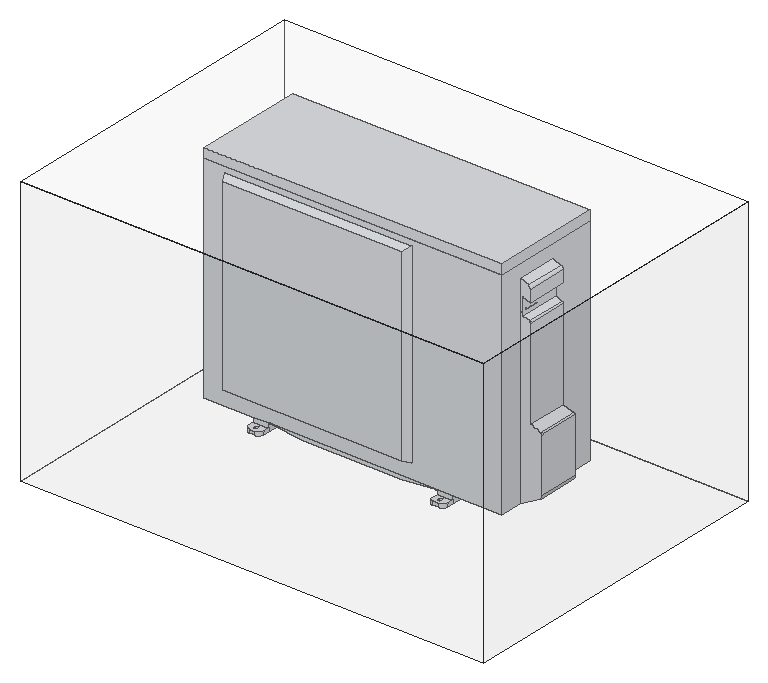
Revit family "puz-zrmp28_63ska15_60hz", category 機械設備, Revit 2019 (continued)
Definition of nested family "PUZ-EZRMP-1"
  Lines and regions (mm)
    model lines, visible <- "タイプ1", detail levels fine
      curve 339: arc (-404.5, -15, 59) -> (-404.5, -11.464, 60.464) -> (-404.5, -10, 64) r 5
      curve 340: arc (-404.5, -95, 79) -> (-404.5, -98.536, 77.536) -> (-404.5, -100, 74) r 5
      curve 341: arc (-404.5, -100, 64) -> (-404.5, -98.536, 60.464) -> (-404.5, -95, 59) r 5
    model lines, visible <- "タイプ3", not visible
      curve 342: line (-404.5, -100, 907) -> (-404.5, -60, 907)
      curve 343: line (-404.5, -100, 1097) -> (-404.5, -100, 907)
      curve 344: line (-404.5, -60, 1097) -> (-404.5, -100, 1097)
      curve 345: line (-404.5, -60, 907) -> (-404.5, -60, 1097)
      curve 346: line (-404.5, 60, 907) -> (-404.5, 100, 907)
      curve 347: line (-404.5, 60, 1097) -> (-404.5, 60, 907)
      curve 348: line (-404.5, 100, 1097) -> (-404.5, 60, 1097)
      curve 349: line (-404.5, 100, 907) -> (-404.5, 100, 1097)
      curve 350: line (-404.5, -46.667, 907) -> (-404.5, -6.667, 907)
      curve 351: line (-404.5, -46.667, 1097) -> (-404.5, -46.667, 907)
      curve 352: line (-404.5, -6.667, 1097) -> (-404.5, -46.667, 1097)
      curve 353: line (-404.5, -6.667, 907) -> (-404.5, -6.667, 1097)
      curve 354: line (-404.5, 6.667, 907) -> (-404.5, 46.667, 907)
      curve 355: line (-404.5, 6.667, 1097) -> (-404.5, 6.667, 907)
      curve 356: line (-404.5, 46.667, 1097) -> (-404.5, 6.667, 1097)
      curve 357: line (-404.5, 46.667, 907) -> (-404.5, 46.667, 1097)
      curve 358: line (-404.5, -100, 1112) -> (-404.5, -60, 1112)
      curve 359: line (-404.5, -100, 1302) -> (-404.5, -100, 1112)
      curve 360: line (-404.5, -60, 1302) -> (-404.5, -100, 1302)
      curve 361: line (-404.5, -60, 1112) -> (-404.5, -60, 1302)
      curve 362: line (-404.5, 60, 1112) -> (-404.5, 100, 1112)
      curve 363: line (-404.5, 60, 1302) -> (-404.5, 60, 1112)
      curve 364: line (-404.5, 100, 1302) -> (-404.5, 60, 1302)
      curve 365: line (-404.5, 100, 1112) -> (-404.5, 100, 1302)
      curve 366: line (-404.5, -46.667, 1112) -> (-404.5, -6.667, 1112)
      curve 367: line (-404.5, -46.667, 1302) -> (-404.5, -46.667, 1112)
      curve 368: line (-404.5, -6.667, 1302) -> (-404.5, -46.667, 1302)
      curve 369: line (-404.5, -6.667, 1112) -> (-404.5, -6.667, 1302)
      curve 370: line (-404.5, 6.667, 1112) -> (-404.5, 46.667, 1112)
      curve 371: line (-404.5, 6.667, 1302) -> (-404.5, 6.667, 1112)
      curve 372: line (-404.5, 46.667, 1302) -> (-404.5, 6.667, 1302)
      curve 373: line (-404.5, 46.667, 1112) -> (-404.5, 46.667, 1302)
    model lines, visible <- "タイプ2", not visible
      curve 374: line (-600, -100, 33.5) -> (-600, -60, 33.5)
      curve 375: line (-600, -100, 73.5) -> (-600, -100, 33.5)
      curve 376: line (-600, -60, 73.5) -> (-600, -100, 73.5)
      curve 377: line (-600, -60, 33.5) -> (-600, -60, 73.5)
      curve 378: line (-600, 60, 33.5) -> (-600, 100, 33.5)
      curve 379: line (-600, 60, 73.5) -> (-600, 60, 33.5)
      curve 380: line (-600, 100, 73.5) -> (-600, 60, 73.5)
      curve 381: line (-600, 100, 33.5) -> (-600, 100, 73.5)
      curve 382: line (-509, -46.667, 33.5) -> (-509, -6.667, 33.5)
      curve 383: line (-509, -46.667, 73.5) -> (-509, -46.667, 33.5)
      curve 384: line (-509, -6.667, 73.5) -> (-509, -46.667, 73.5)
      curve 385: line (-509, -6.667, 33.5) -> (-509, -6.667, 73.5)
      curve 386: line (-509, 6.667, 33.5) -> (-509, 46.667, 33.5)
      curve 387: line (-509, 6.667, 73.5) -> (-509, 6.667, 33.5)
      curve 388: line (-509, 46.667, 73.5) -> (-509, 6.667, 73.5)
      curve 389: line (-509, 46.667, 33.5) -> (-509, 46.667, 73.5)
      curve 483: line (-404.5, -100, 33.5) -> (-404.5, -60, 33.5)
      curve 484: line (-404.5, -100, 73.5) -> (-404.5, -100, 33.5)
      curve 485: line (-404.5, -60, 73.5) -> (-404.5, -100, 73.5)
      curve 486: line (-404.5, -60, 33.5) -> (-404.5, -60, 73.5)
      curve 487: line (-404.5, 60, 33.5) -> (-404.5, 100, 33.5)
      curve 488: line (-404.5, 60, 73.5) -> (-404.5, 60, 33.5)
      curve 489: line (-404.5, 100, 73.5) -> (-404.5, 60, 73.5)
      curve 490: line (-404.5, 100, 33.5) -> (-404.5, 100, 73.5)
      curve 491: line (-404.5, -46.667, 33.5) -> (-404.5, -6.667, 33.5)
      curve 492: line (-404.5, -46.667, 73.5) -> (-404.5, -46.667, 33.5)
      curve 493: line (-404.5, -6.667, 73.5) -> (-404.5, -46.667, 73.5)
      curve 494: line (-404.5, -6.667, 33.5) -> (-404.5, -6.667, 73.5)
      curve 495: line (-404.5, 6.667, 33.5) -> (-404.5, 46.667, 33.5)
      curve 496: line (-404.5, 6.667, 73.5) -> (-404.5, 6.667, 33.5)
      curve 497: line (-404.5, 46.667, 73.5) -> (-404.5, 6.667, 73.5)
      curve 498: line (-404.5, 46.667, 33.5) -> (-404.5, 46.667, 73.5)
    model lines, not visible
      curve 390: line (-404.5, -100, 87) -> (-404.5, -60, 87)
      curve 391: line (-404.5, -100, 277) -> (-404.5, -100, 87)
      curve 392: line (-404.5, -60, 277) -> (-404.5, -100, 277)
      curve 393: line (-404.5, -60, 87) -> (-404.5, -60, 277)
      curve 394: line (-404.5, -100, 292) -> (-404.5, -60, 292)
      curve 395: line (-404.5, -100, 482) -> (-404.5, -100, 292)
      curve 396: line (-404.5, -60, 482) -> (-404.5, -100, 482)
      curve 397: line (-404.5, -60, 292) -> (-404.5, -60, 482)
      curve 398: line (-404.5, -100, 497) -> (-404.5, -60, 497)
      curve 399: line (-404.5, -100, 687) -> (-404.5, -100, 497)
      curve 400: line (-404.5, -60, 687) -> (-404.5, -100, 687)
      curve 401: line (-404.5, -60, 497) -> (-404.5, -60, 687)
      curve 402: line (-404.5, -100, 702) -> (-404.5, -60, 702)
      curve 403: line (-404.5, -100, 892) -> (-404.5, -100, 702)
      curve 404: line (-404.5, -60, 892) -> (-404.5, -100, 892)
      curve 405: line (-404.5, -60, 702) -> (-404.5, -60, 892)
      curve 406: line (-404.5, 60, 87) -> (-404.5, 100, 87)
      curve 407: line (-404.5, 60, 277) -> (-404.5, 60, 87)
      curve 408: line (-404.5, 100, 277) -> (-404.5, 60, 277)
      curve 409: line (-404.5, 100, 87) -> (-404.5, 100, 277)
      curve 410: line (-404.5, -46.667, 87) -> (-404.5, -6.667, 87)
      curve 411: line (-404.5, -46.667, 277) -> (-404.5, -46.667, 87)
      curve 412: line (-404.5, -6.667, 277) -> (-404.5, -46.667, 277)
      curve 413: line (-404.5, -6.667, 87) -> (-404.5, -6.667, 277)
      curve 414: line (-404.5, 6.667, 87) -> (-404.5, 46.667, 87)
      curve 415: line (-404.5, 6.667, 277) -> (-404.5, 6.667, 87)
      curve 416: line (-404.5, 46.667, 277) -> (-404.5, 6.667, 277)
      curve 417: line (-404.5, 46.667, 87) -> (-404.5, 46.667, 277)
      curve 418: line (-404.5, 60, 292) -> (-404.5, 100, 292)
      curve 419: line (-404.5, 60, 482) -> (-404.5, 60, 292)
      curve 420: line (-404.5, 100, 482) -> (-404.5, 60, 482)
      curve 421: line (-404.5, 100, 292) -> (-404.5, 100, 482)
      curve 422: line (-404.5, 60, 702) -> (-404.5, 100, 702)
      curve 423: line (-404.5, 60, 892) -> (-404.5, 60, 702)
      curve 424: line (-404.5, 100, 892) -> (-404.5, 60, 892)
      curve 425: line (-404.5, 100, 702) -> (-404.5, 100, 892)
      curve 426: line (-404.5, -46.667, 292) -> (-404.5, -6.667, 292)
      curve 427: line (-404.5, -46.667, 482) -> (-404.5, -46.667, 292)
      curve 428: line (-404.5, -6.667, 482) -> (-404.5, -46.667, 482)
      curve 429: line (-404.5, -6.667, 292) -> (-404.5, -6.667, 482)
      curve 430: line (-404.5, -46.667, 497) -> (-404.5, -6.667, 497)
      curve 431: line (-404.5, -46.667, 687) -> (-404.5, -46.667, 497)
      curve 432: line (-404.5, -6.667, 687) -> (-404.5, -46.667, 687)
      curve 433: line (-404.5, -6.667, 497) -> (-404.5, -6.667, 687)
      curve 434: line (-404.5, -46.667, 702) -> (-404.5, -6.667, 702)
      curve 435: line (-404.5, -46.667, 892) -> (-404.5, -46.667, 702)
      curve 436: line (-404.5, -6.667, 892) -> (-404.5, -46.667, 892)
      curve 437: line (-404.5, -6.667, 702) -> (-404.5, -6.667, 892)
      curve 438: line (-404.5, 6.667, 292) -> (-404.5, 46.667, 292)
      curve 439: line (-404.5, 6.667, 482) -> (-404.5, 6.667, 292)
      curve 440: line (-404.5, 46.667, 482) -> (-404.5, 6.667, 482)
      curve 441: line (-404.5, 46.667, 292) -> (-404.5, 46.667, 482)
      curve 442: line (-404.5, 6.667, 497) -> (-404.5, 46.667, 497)
      curve 443: line (-404.5, 6.667, 687) -> (-404.5, 6.667, 497)
      curve 444: line (-404.5, 46.667, 687) -> (-404.5, 6.667, 687)
      curve 445: line (-404.5, 46.667, 497) -> (-404.5, 46.667, 687)
      curve 446: line (-404.5, 6.667, 702) -> (-404.5, 46.667, 702)
      curve 447: line (-404.5, 6.667, 892) -> (-404.5, 6.667, 702)
      curve 448: line (-404.5, 46.667, 892) -> (-404.5, 6.667, 892)
      curve 449: line (-404.5, 46.667, 702) -> (-404.5, 46.667, 892)
      curve 450: line (-338.5, -173.2, 372.5) -> (149.5, -173.2, 372.5)
      curve 451: line (149.5, -173.2, 277.5) -> (-338.5, -173.2, 277.5)
      curve 452: line (-338.5, -173.2, 467.5) -> (149.5, -173.2, 467.5)
      curve 453: line (-338.5, -173.2, 562.5) -> (149.5, -173.2, 562.5)
      curve 454: line (149.5, -173.2, 182.5) -> (-338.5, -173.2, 182.5)
      curve 455: line (149.5, -173.2, 87.5) -> (-338.5, -173.2, 87.5)
      curve 456: line (-321.071, -173.2, 579) -> (-321.071, -173.2, 71)
      curve 457: line (132.071, -173.2, 71) -> (132.071, -173.2, 579)
      curve 458: line (-303.643, -173.2, 579) -> (-303.643, -173.2, 71)
      curve 459: line (-286.214, -173.2, 579) -> (-286.214, -173.2, 71)
      curve 460: line (-268.786, -173.2, 579) -> (-268.786, -173.2, 71)
      curve 461: line (-251.357, -173.2, 579) -> (-251.357, -173.2, 71)
      curve 462: line (-233.929, -173.2, 579) -> (-233.929, -173.2, 71)
      curve 463: line (-216.5, -173.2, 579) -> (-216.5, -173.2, 71)
      curve 464: line (-199.071, -173.2, 579) -> (-199.071, -173.2, 71)
      curve 465: line (-181.643, -173.2, 579) -> (-181.643, -173.2, 71)
      curve 466: line (-164.214, -173.2, 579) -> (-164.214, -173.2, 71)
      curve 467: line (-146.786, -173.2, 579) -> (-146.786, -173.2, 71)
      curve 468: line (-129.357, -173.2, 579) -> (-129.357, -173.2, 71)
      curve 469: line (-111.929, -173.2, 579) -> (-111.929, -173.2, 71)
      curve 470: line (-94.5, -173.2, 579) -> (-94.5, -173.2, 71)
      curve 471: line (-77.071, -173.2, 579) -> (-77.071, -173.2, 71)
      curve 472: line (-59.643, -173.2, 579) -> (-59.643, -173.2, 71)
      curve 473: line (-42.214, -173.2, 579) -> (-42.214, -173.2, 71)
      curve 474: line (-24.786, -173.2, 579) -> (-24.786, -173.2, 71)
      curve 475: line (-7.357, -173.2, 579) -> (-7.357, -173.2, 71)
      curve 476: line (10.071, -173.2, 579) -> (10.071, -173.2, 71)
      curve 477: line (27.5, -173.2, 579) -> (27.5, -173.2, 71)
      curve 478: line (44.929, -173.2, 579) -> (44.929, -173.2, 71)
      curve 479: line (62.357, -173.2, 579) -> (62.357, -173.2, 71)
      curve 480: line (79.786, -173.2, 579) -> (79.786, -173.2, 71)
      curve 481: line (97.214, -173.2, 579) -> (97.214, -173.2, 71)
      curve 482: line (114.643, -173.2, 579) -> (114.643, -173.2, 71)
    symbolic lines, visible <- "タイプ1"
      curve 499: line (-278.151, 150, 630) -> (-404.5, 150, 630)
      curve 500: line (-404.5, 150, 630) -> (-404.5, -5.599, 630)
      curve 501: line (-404.5, 40, 630) -> (-424.5, 30, 630)
      curve 502: line (-424.5, 30, 630) -> (-424.5, -30, 630)
      curve 503: line (-424.5, -30, 630) -> (-404.5, -40, 630)
      curve 504: line (-404.5, -5.599, 630) -> (-404.5, -150, 630)
      curve 505: line (-404.5, -150, 630) -> (-301.612, -150, 630)
      curve 506: arc (-272.806, -170, 630) -> (-268.124, -177.204, 630) -> (-260, -180, 630) r 13.2
      curve 507: line (-260, -180, 630) -> (-243.332, -180, 630)
      curve 508: arc (-243.332, -180, 630) -> (-235.208, -177.204, 630) -> (-230.526, -170, 630) r 13.2
      curve 509: line (-301.612, -150, 630) -> (280.999, -150, 630)
      curve 510: line (230, -150, 630) -> (230, -170, 630)
      curve 511: arc (230, -170, 630) -> (232.929, -177.071, 630) -> (240, -180, 630) r 10
      curve 512: line (240, -180, 630) -> (256.8, -180, 630)
      curve 513: arc (256.8, -180, 630) -> (266.134, -176.134, 630) -> (270, -166.8, 630) r 13.2
      curve 514: line (270, -166.8, 630) -> (270, -150, 630)
      curve 515: line (280.999, -150, 630) -> (404.5, -150, 630)
      curve 516: line (404.5, -150, 630) -> (404.5, -77.105, 630)
      curve 517: line (404.5, -90, 630) -> (466.5, -90, 630)
      curve 518: line (466.5, -90, 630) -> (466.5, 20, 630)
      curve 519: line (466.5, 20, 630) -> (404.5, 20, 630)
      curve 520: line (404.5, -77.105, 630) -> (404.5, 150, 630)
      curve 521: line (404.5, 150, 630) -> (308.975, 150, 630)
      curve 522: line (270, 150, 630) -> (270, 180, 630)
      curve 523: line (270, 180, 630) -> (230, 180, 630)
      curve 524: line (230, 180, 630) -> (230, 150, 630)
      curve 525: line (308.975, 150, 630) -> (-278.151, 150, 630)
      curve 526: line (-230, 150, 630) -> (-230, 180, 630)
      curve 527: line (-230, 180, 630) -> (-270, 180, 630)
      curve 528: line (-270, 180, 630) -> (-270, 150, 630)
      curve 529: line (-324.5, 100, 630) -> (324.5, 100, 630)
      curve 530: line (-324.5, 40, 630) -> (-324.5, 100, 630)
      curve 531: line (324.5, 40, 630) -> (-324.5, 40, 630)
      curve 532: line (324.5, 100, 630) -> (324.5, 40, 630)
      curve 533: line (324.5, 30, 630) -> (-324.5, 30, 630)
      curve 534: line (324.5, -30, 630) -> (324.5, 30, 630)
      curve 535: line (-324.5, -30, 630) -> (324.5, -30, 630)
      curve 536: line (-324.5, 30, 630) -> (-324.5, -30, 630)
      curve 537: line (-324.5, -40, 630) -> (324.5, -40, 630)
      curve 538: line (-324.5, -100, 630) -> (-324.5, -40, 630)
      curve 539: line (324.5, -100, 630) -> (-324.5, -100, 630)
      curve 540: line (324.5, -40, 630) -> (324.5, -100, 630)
      curve 541: line (339.5, 100, 630) -> (354.5, 100, 630)
      curve 542: line (339.5, -100, 630) -> (339.5, 100, 630)
      curve 543: line (354.5, -100, 630) -> (339.5, -100, 630)
      curve 544: line (354.5, 100, 630) -> (354.5, -100, 630)
      curve 545: line (-354.5, 100, 630) -> (-339.5, 100, 630)
      curve 546: line (-354.5, -100, 630) -> (-354.5, 100, 630)
      curve 547: line (-339.5, -100, 630) -> (-354.5, -100, 630)
      curve 548: line (-339.5, 100, 630) -> (-339.5, -100, 630)
      curve 549: line (-338.5, -170, 630) -> (149.5, -170, 630)
      curve 550: line (149.5, -170, 630) -> (159.5, -150, 630)
      curve 551: line (-348.5, -150, 630) -> (-338.5, -170, 630)
  Dimensions and locks
    equal spacing: plane 8, plane 1 "中心(正面/背面)", plane 7
    "奥行き": plane 8 to plane 7
    equal spacing: plane 5, plane 3 "中心(左/右)", plane 6
    "幅さ": plane 5 to plane 6
    "高さ": plane 4 to level
    locked: plane 6 to plane 9 at 62
    locked: plane 8 to plane 10 at 60
    locked: plane 8 to plane 11 at 170
    locked: plane 4 to plane 12 at 25
    locked: plane 13 to plane 5 at 20
    "吊りボルト-D": plane 17 to plane 16
    equal spacing: plane 17, plane 1 "中心(正面/背面)", plane 16
    equal spacing: plane 14, plane 3 "中心(左/右)", plane 15
    "吊りボルト-W": plane 14 to plane 15
    plane 21 to plane 14 to plane 20 = 20 mm locked, 20 mm locked
    plane 19 to plane 15 to plane 18 = 20 mm locked, 20 mm locked
    locked: plane 16 to plane 22 at 15
    locked: plane 23 to plane 17 at 15
    locked: plane 24 to level at 8.5
    locked: plane 25 to level at 20
    locked: plane 26 to plane 24 at 3
    locked: plane 4 to plane 29 at 5
    plane 7 to plane 1 "中心(正面/背面)" to plane 8 = 150 mm, 150 mm
    plane 31 to plane 1 "中心(正面/背面)" to plane 30 = 40 mm locked, 40 mm locked
    plane 33 to plane 1 "中心(正面/背面)" to plane 32 = 30 mm locked, 30 mm locked
    locked: plane 34 to plane 12 at 5
    locked: plane 35 to level at 55
    locked: plane 36 to level at 225
    equal spacing: plane 6, plane 39, plane 9
    locked: plane 6 to plane 38 at 10
    locked: plane 20 to plane 27 at 95
    locked: plane 28 to plane 19 at 95
    "換気-D": plane 40 to plane 8
    "換気-W": plane 41 to plane 5
    "換気-H1": plane 42 to level
    plane 43 to plane 41 to plane 44 = 254 mm locked, 254 mm locked
    plane 45 to plane 42 to plane 46 = 264 mm locked, 264 mm locked
    locked: plane 43 to plane 48 at 10
    locked: plane 47 to plane 44 at 10
    locked: plane 45 to plane 49 at 10
    locked: plane 50 to plane 46 at 10
    locked: curve 26 to plane 50 at 16.5
    locked: plane 49 to curve 24 at 16.5
    equal spacing: curve 24, curve 23, curve 21, curve 22, curve 25, curve 26
    equal spacing: plane 48, curve 28, curve 53, curve 52, curve 51, curve 50, curve 49, curve 48, curve 47, curve 46, curve 45, curve 44, curve 43, curve 42, curve 41, curve 40, curve 39, curve 38, curve 37, curve 36, curve 35, curve 34, curve 33, curve 32, curve 31, curve 30, curve 29, curve 27, plane 47
    locked: curve 4 to curve 6 at 10
    locked: curve 3 to curve 5 at 10
    locked: plane 51 to plane 7 at 50
    locked: plane 8 to plane 52 at 50
    equal spacing: group 1, group 2, group 3, group 4, group 5, group 6, group 7, group 8, group 9, group 10, group 11, group 12, group 13, group 14, group 15, group 16, group 17, group 18  (x2)
    equal spacing: group 18, group 17, group 16, group 15, group 14, group 13, group 12, group 11, group 10, group 9, group 8, group 7, group 6, group 5, group 4, group 3, group 2, group 1
    "ドレン管径-X": plane 5 to plane 53
    "ドレン管径-Y": plane 8 to plane 54
    "配線取出口-Y": plane 57 to plane 7
    "冷媒液管径-Y": plane 58 to plane 7
    "冷媒ガス管径-Y": plane 59 to plane 7
    "配線取出口-X": plane 3 "中心(左/右)" to plane 56
    "冷媒ガス管径-X": plane 3 "中心(左/右)" to plane 55
    "冷媒液管径-X": plane 3 "中心(左/右)" to plane 60
    "冷媒液管径-Z": plane 62 to level
    "冷媒ガス管径-Z": plane 61 to level
    "配線取出口-Z": plane 63 to level
    locked: plane 57 to plane 64 at 50
    locked: plane 65 to plane 61 at 37.8
    locked: plane 66 to plane 62 at 16.1
    equal spacing: plane 55, plane 67, plane 60
    equal spacing: plane 58, plane 68, plane 59
    "a": plane 69 "グループ" to plane 3 "中心(左/右)"
    plane 71 to level = 943 mm
    plane 70 to level = 1338 mm
    locked: plane 37 to level at 570
    curve 21 to plane 42 to curve 22 = 47.5 mm locked, 47.5 mm locked
    "換気-H2": plane 72 to plane 42
    plane 73 to plane 72 to plane 74 = 264 mm locked, 264 mm locked
    locked: plane 76 to plane 74 at 10
    locked: plane 73 to plane 75 at 10
    plane 48 to plane 47 = 488 mm
    plane 68 to plane 7 = 185.5 mm
    plane 61 to level = 99.5 mm
    plane 65 to plane 61 = 37.8 mm
    plane 62 to level = 164.5 mm
    plane 66 to plane 62 = 16.1 mm
    plane 68 to plane 77 to plane 78 = 23 mm locked, 17.5 mm locked
    plane 68 to plane 77 = 23 mm
    plane 77 to plane 78 = 17.5 mm
    equal spacing: plane 77, plane 79, plane 78
    "ドレン配管サイズ": diameter of Extrusion 3 sketch curve
    "配線取出口サイズ": diameter of Extrusion 9 sketch curve
    "吊りボルト-φ": diameter of Extrusion 10 sketch curve  (x4)
    "冷媒配管サイズ": diameter of Sweep 11 sketch curve
    "ガス配管サイズ": diameter of Sweep 12 sketch curve
    aligned and locked: level to plane 2
    aligned and locked: Extrusion 1 to level
    aligned and locked: plane 25 to Extrusion 1
    aligned and locked: Extrusion 2 sketch curve to plane 25
    aligned and locked: Extrusion 2 sketch curve to plane 26
    aligned and locked: Extrusion 2 to plane 7
    aligned and locked: plane 8 to Extrusion 2
    aligned and locked: Extrusion 3 to plane 26
    aligned and locked: Extrusion 3 to plane 24
    aligned and locked: Extrusion 4 sketch curve to plane 7
    aligned and locked: Extrusion 4 sketch curve to plane 8
    aligned and locked: Extrusion 4 sketch curve to plane 5
    aligned and locked: Extrusion 4 sketch curve to plane 6
    aligned and locked: Extrusion 4 to plane 25
    aligned and locked: plane 12 to Extrusion 4
    aligned and locked: Extrusion 5 sketch curve to Extrusion 4  (x4)
    aligned and locked: Extrusion 5 to plane 12
    aligned and locked: plane 4 to Extrusion 5
    aligned and locked: plane 29 to Blend 6 sketch curve
    aligned and locked: Blend 6 sketch curve to plane 31
    aligned and locked: Blend 6 sketch curve to plane 12  (x2)
    aligned and locked: plane 30 to Blend 6 sketch curve
    aligned and locked: plane 34 to Blend 6 sketch curve
    aligned and locked: Blend 6 sketch curve to plane 33
    aligned and locked: plane 32 to Blend 6 sketch curve
    aligned and locked: Blend 6 to plane 13
    aligned and locked: plane 5 to Blend 6
    aligned and locked: Extrusion 7 sketch curve to plane 6
    aligned and locked: Extrusion 7 sketch curve to plane 9
    aligned and locked: Extrusion 7 sketch curve to plane 39
    aligned and locked: Extrusion 7 sketch curve to Extrusion 7 sketch curve
    aligned and locked: Extrusion 7 sketch curve to plane 38
    aligned and locked: Extrusion 7 to plane 11
    aligned and locked: plane 10 to Extrusion 7
    aligned and locked: Blend 8 sketch curve to plane 45
    aligned and locked: Blend 8 sketch curve to plane 46
    aligned and locked: Blend 8 sketch curve to plane 44
    aligned and locked: Blend 8 sketch curve to plane 43
    aligned and locked: Blend 8 sketch curve to plane 49
    aligned and locked: Blend 8 sketch curve to plane 47
    aligned and locked: Blend 8 sketch curve to plane 48
    aligned and locked: Blend 8 sketch curve to plane 50
    aligned and locked: Blend 8 to plane 8
    aligned and locked: plane 40 to Blend 8
    aligned and locked: curve 17 to plane 51
    aligned and locked: curve 1 to plane 51
    aligned and locked: plane 51 to curve 19
    aligned and locked: curve 18 to plane 52
    aligned and locked: plane 52 to curve 2
    aligned and locked: plane 52 to curve 20
    aligned and locked: plane 53 to Extrusion 3 sketch curve
    aligned and locked: plane 54 to Extrusion 3 sketch curve
    aligned and locked: plane 63 to Extrusion 9 sketch curve
    aligned and locked: plane 56 to Extrusion 9 sketch curve
    aligned and locked: plane 57 to Extrusion 9
    aligned and locked: Extrusion 9 to plane 64
    aligned and locked: plane 22 to Extrusion 10 sketch curve  (x4)
    aligned and locked: plane 21 to Extrusion 10 sketch curve
    aligned and locked: Extrusion 2 to Extrusion 10 sketch curve  (x2)
    aligned and locked: Extrusion 10 sketch curve to Extrusion 1  (x6)
    aligned and locked: plane 19 to Extrusion 10 sketch curve
    aligned and locked: Extrusion 10 sketch curve to plane 23  (x2)
    aligned and locked: Extrusion 10 sketch curve to plane 18
    aligned and locked: Extrusion 10 sketch curve to plane 20
    aligned and locked: plane 16 to Extrusion 10 sketch curve  (x2)
    aligned and locked: plane 14 to Extrusion 10 sketch curve  (x2)
    aligned and locked: plane 17 to Extrusion 10 sketch curve  (x2)
    aligned and locked: plane 15 to Extrusion 10 sketch curve  (x2)
    aligned and locked: level to Extrusion 10
    aligned and locked: plane 24 to Extrusion 10
    aligned and locked: Masking region 1 sketch curve to Extrusion 5  (x4)
    aligned and locked: Masking region 1 sketch curve to Blend 6  (x3)
    aligned and locked: Masking region 1 sketch curve to Extrusion 7  (x2)
    aligned and locked: Masking region 1 sketch curve to plane 9
    aligned and locked: Masking region 1 sketch curve to Extrusion 10  (x8)
    aligned and locked: Masking region 1 to curve 499
    aligned and locked: curve 500 to Masking region 1
    aligned and locked: curve 501 to Masking region 1
    aligned and locked: curve 502 to Masking region 1
    aligned and locked: curve 503 to Masking region 1
    aligned and locked: curve 504 to Masking region 1
    aligned and locked: curve 505 to Masking region 1
    aligned and locked: curve 506 to Masking region 1
    aligned and locked: curve 508 to Masking region 1
    aligned and locked: curve 510 to Masking region 1
    aligned and locked: curve 511 to Masking region 1
    aligned and locked: curve 513 to Masking region 1
    aligned and locked: Masking region 1 to curve 515
    aligned and locked: curve 516 to Masking region 1
    aligned and locked: curve 517 to Masking region 1
    aligned and locked: curve 518 to Masking region 1
    aligned and locked: curve 519 to Masking region 1
    aligned and locked: curve 520 to Masking region 1
    aligned and locked: curve 521 to Masking region 1
    aligned and locked: curve 522 to Masking region 1
    aligned and locked: curve 523 to Masking region 1
    aligned and locked: curve 524 to Masking region 1
    aligned and locked: curve 525 to Masking region 1
    aligned and locked: curve 526 to Masking region 1
    aligned and locked: curve 527 to Masking region 1
    aligned and locked: curve 528 to Masking region 1
    aligned and locked: curve 532 to curve 12
    aligned and locked: Masking region 1 sketch curve to curve 21
    aligned and locked: Masking region 1 sketch curve to Blend 8  (x2)
    aligned and locked: curve 549 to Blend 8
    aligned and locked: curve 550 to Blend 8
    aligned and locked: curve 551 to Blend 8
    aligned and locked: plane 78 to Sweep 12 sketch curve
    aligned and locked: plane 58 to Sweep 12 sketch curve
    aligned and locked: plane 77 to Sweep 11 sketch curve
    aligned and locked: plane 58 to Sweep 11 sketch curve
    aligned and locked: plane 61 to Sweep 12 sketch curve
  Automatic sketch dimensions
    Extrusion 2 sketch curve to plane 20 = 0 mm
    Extrusion 2 sketch curve to plane 27 = 0 mm
    Extrusion 2 sketch curve to plane 28 = 0 mm
    Extrusion 2 sketch curve to plane 19 = 0 mm
    Extrusion 7 sketch curve to plane 39 = 0 mm
    Extrusion 7 sketch curve to plane 25 = 0 mm
    Extrusion 7 sketch curve to plane 36 = 0 mm
    Extrusion 7 sketch curve to plane 37 = 0 mm
    Extrusion 7 sketch curve to Extrusion 7 sketch curve = 10 mm
    Extrusion 7 sketch curve to plane 39 = 6.58 mm
    Extrusion 7 sketch curve to Extrusion 7 sketch curve = 5 mm  (x2)
    plane 39 to Extrusion 7 sketch curve = 21 mm
    Extrusion 7 sketch curve to plane 39 = 3.29 mm
    Extrusion 7 sketch curve to plane 9 = 3.29 mm
    Extrusion 7 sketch curve to plane 35 = 2.87 mm
    Extrusion 7 sketch curve to Extrusion 7 sketch curve = 81.633 mm
    Extrusion 7 sketch curve to Extrusion 7 sketch curve = 30.244 mm
    Extrusion 7 sketch curve to Extrusion 7 sketch curve = 7.643 mm
    plane 7 to Extrusion 1 sketch curve = 0 mm  (x2)
    Extrusion 1 sketch curve to plane 18 = 0 mm
    plane 8 to Extrusion 1 sketch curve = 0 mm  (x2)
    Extrusion 1 sketch curve to plane 19 = 0 mm
    Extrusion 1 sketch curve to plane 20 = 0 mm
    Extrusion 1 sketch curve to plane 21 = 0 mm
    curve 383 to curve 384 = 40 mm
    curve 382 to curve 386 = 13.333 mm
    curve 386 to curve 386 = 40 mm
    curve 382 to curve 389 = 0 mm
    curve 382 to curve 384 = 40 mm
    curve 384 to curve 387 = 0 mm
    curve 375 to curve 376 = 40 mm
    curve 374 to curve 378 = 120 mm
    curve 378 to curve 378 = 40 mm
    curve 374 to curve 381 = 0 mm
    curve 374 to curve 376 = 40 mm
    curve 378 to curve 379 = 40 mm
    curve 25 to plane 47 = 0 mm
    curve 24 to plane 47 = 0 mm
    curve 22 to plane 47 = 0 mm
    curve 23 to plane 47 = 0 mm
    curve 26 to plane 47 = 0 mm
    curve 21 to plane 47 = 0 mm
    curve 24 to plane 48 = 0 mm
    curve 25 to plane 48 = 0 mm
    curve 26 to plane 48 = 0 mm
    curve 23 to plane 48 = 0 mm
    curve 22 to plane 48 = 0 mm
    curve 21 to plane 48 = 0 mm
    curve 37 to plane 50 = 0 mm
    curve 52 to plane 50 = 0 mm
    curve 51 to plane 50 = 0 mm
    curve 50 to plane 50 = 0 mm
    curve 49 to plane 50 = 0 mm
    curve 48 to plane 50 = 0 mm
    curve 47 to plane 50 = 0 mm
    curve 46 to plane 50 = 0 mm
    curve 45 to plane 50 = 0 mm
    curve 44 to plane 50 = 0 mm
    curve 43 to plane 50 = 0 mm
    curve 42 to plane 50 = 0 mm
    curve 41 to plane 50 = 0 mm
    curve 27 to plane 50 = 0 mm
    curve 28 to plane 50 = 0 mm
    curve 40 to plane 50 = 0 mm
    curve 39 to plane 50 = 0 mm
    curve 29 to plane 50 = 0 mm
    curve 38 to plane 50 = 0 mm
    curve 30 to plane 50 = 0 mm
    curve 53 to plane 50 = 0 mm
    curve 31 to plane 50 = 0 mm
    curve 36 to plane 50 = 0 mm
    curve 32 to plane 50 = 0 mm
    curve 35 to plane 50 = 0 mm
    curve 33 to plane 50 = 0 mm
    curve 34 to plane 50 = 0 mm
    curve 28 to plane 49 = 0 mm
    curve 41 to plane 49 = 0 mm
    curve 27 to plane 49 = 0 mm
    curve 42 to plane 49 = 0 mm
    curve 31 to plane 49 = 0 mm
    curve 40 to plane 49 = 0 mm
    curve 37 to plane 49 = 0 mm
    curve 39 to plane 49 = 0 mm
    curve 32 to plane 49 = 0 mm
    curve 45 to plane 49 = 0 mm
    curve 36 to plane 49 = 0 mm
    curve 46 to plane 49 = 0 mm
    curve 43 to plane 49 = 0 mm
    curve 47 to plane 49 = 0 mm
    curve 29 to plane 49 = 0 mm
    curve 48 to plane 49 = 0 mm
    curve 30 to plane 49 = 0 mm
    curve 49 to plane 49 = 0 mm
    curve 44 to plane 49 = 0 mm
    curve 50 to plane 49 = 0 mm
    curve 33 to plane 49 = 0 mm
    curve 51 to plane 49 = 0 mm
    curve 35 to plane 49 = 0 mm
    curve 52 to plane 49 = 0 mm
    curve 38 to plane 49 = 0 mm
    curve 53 to plane 49 = 0 mm
    curve 34 to plane 49 = 0 mm
    Masking region 1 sketch curve to plane 5 = 0 mm
    Masking region 1 sketch curve to plane 6 = 0 mm
    plane 7 to Masking region 1 sketch curve = 0 mm  (x2)
    Masking region 1 sketch curve to plane 15 = 10 mm
    Masking region 1 sketch curve to plane 19 = 0 mm
    plane 8 to Masking region 1 sketch curve = 0 mm  (x2)
    plane 32 to curve 535 = 0 mm
    plane 33 to curve 534 = 0 mm
    curve 541 to plane 56 = 45.5 mm
    curve 13 to curve 20 = 15 mm
    plane 18 to curve 535 = 54.5 mm
    curve 532 to curve 6 = 0 mm
    curve 537 to curve 5 = 0 mm
    plane 47 to curve 536 = 14 mm
    plane 47 to curve 538 = 14 mm
    plane 47 to curve 1 = 14 mm
    curve 16 to plane 47 = 1 mm
    curve 15 to plane 44 = 6 mm
    plane 1 "中心(正面/背面)" to curve 504 = 5.599 mm
    curve 528 to curve 499 = 8.151 mm
    curve 521 to curve 522 = 38.975 mm
    curve 516 to plane 10 = 12.895 mm
    curve 515 to curve 514 = 10.999 mm
    plane 40 to Masking region 1 sketch curve = 0 mm
    Masking region 1 sketch curve to plane 40 = 3.2 mm  (x2)
    Masking region 1 sketch curve to plane 14 = 10 mm
    Masking region 1 sketch curve to plane 20 = 0.526 mm
    curve 509 to plane 21 = 31.612 mm
    Sweep 12 sketch curve to plane 65 = 0 mm
    Sweep 11 sketch curve to plane 62 = 0 mm
    Sweep 11 sketch curve to plane 66 = 0 mm
    plane 40 to Extrusion 10 sketch curve = 0 mm
    plane 17 to Extrusion 10 sketch curve = 0 mm  (x2)
    Extrusion 10 sketch curve to Extrusion 10 sketch curve = 1.8 mm  (x3)
    plane 17 to Extrusion 10 sketch curve = 1.8 mm  (x2)
    Extrusion 10 sketch curve to Extrusion 10 sketch curve = 0 mm
    Sweep 11 sketch curve to plane 67 = 0 mm
    Sweep 11 sketch curve to profile plane = 0 mm
    Sweep 12 sketch curve to plane 67 = 0 mm
    Sweep 12 sketch curve to profile plane = 0 mm
Definition of nested family "固定点"
  Parameters (values of type "固定点")
    中心円 = if(W > 599 mm, 12 mm, 10 mm)  # 12 mm
    W = 1000 mm
    D = 1000 mm
  Reference planes
    plane 1 "中心(正面/背面)": y = 0
    plane 2: z = 0
    plane 3 "中心(左/右)": x = 0
    plane 4: x = 1000
    plane 5: y = 1000
  Lines and regions (mm)
    symbolic lines, detail levels fine
      curve 1: circle (0, 1000, 0) r 6 normal (0, 0, 1)
      curve 2: circle (0, 0, 0) r 6 normal (0, 0, 1)
      curve 3: circle (1000, 1000, 0) r 6 normal (0, 0, 1)
      curve 4: circle (1000, 0, 0) r 6 normal (0, 0, 1)
      curve 5: line (-200, 1000, 0) -> (1200, 1000, 0)
      curve 6: line (-200, 0, 0) -> (1200, 0, 0)
      curve 7: line (0, 1200, 0) -> (0, -200, 0)
      curve 8: line (1000, 1200, 0) -> (1000, -200, 0)
  Dimensions and locks
    "W": plane 3 "中心(左/右)" to plane 4
    "D": plane 1 "中心(正面/背面)" to plane 5
    "中心円": diameter of curve 1
    "中心円": diameter of curve 2
    "中心円": diameter of curve 3
    "中心円": diameter of curve 4
    aligned and locked: level to plane 2
    aligned and locked: plane 5 to curve 1
    aligned and locked: plane 3 "中心(左/右)" to curve 1
    aligned and locked: plane 3 "中心(左/右)" to curve 2
    aligned and locked: plane 1 "中心(正面/背面)" to curve 2
    aligned and locked: plane 4 to curve 3
    aligned and locked: plane 5 to curve 3
    aligned and locked: plane 1 "中心(正面/背面)" to curve 4
    aligned and locked: plane 4 to curve 4
    aligned and locked: plane 1 "中心(正面/背面)" to curve 6
    aligned and locked: curve 7 to plane 3 "中心(左/右)"
    aligned and locked: curve 8 to plane 4
  Automatic sketch dimensions
    curve 5 to plane 5 = 0 mm
    curve 6 to plane 3 "中心(左/右)" = 200 mm
    curve 5 to plane 3 "中心(左/右)" = 200 mm
    curve 4 to curve 6 = 200 mm
    curve 3 to curve 5 = 200 mm
    plane 1 "中心(正面/背面)" to curve 8 = 200 mm
    plane 1 "中心(正面/背面)" to curve 7 = 200 mm
    curve 3 to curve 8 = 200 mm
    curve 1 to curve 7 = 200 mm
Types (36, lengths in mm): name | 音響パワーレベル_冷房 (dB) | 音響パワーレベル_暖房 (dB) | 音響パワーレベル(dB) | 電動機出力_圧縮機 | 質量 | 製品質量 | 相 | 構成品番 | 極数 | 最小電線太さ_mm2 | 暖房能力 | 推奨ブレーカー容量 | 冷房能力
  室外機_PUZ-ZRMP28SKA15 | 64 | 66 | 66 | 0.5 kW | 44.40 kg | 37.00 kg | 1 | "PUZ-ZRMP28SKA15" | 1 | 3.5 | 2.8 kW | 20 A | 2.5 kW
  室外機_PUZ-ZRMP28KA15 | 64 | 66 | 66 | 0.5 kW | 43.20 kg | 36.00 kg | 3 | "PUZ-ZRMP28KA15" | 3 | 2 | 2.8 kW | 15 A | 2.5 kW
  室外機_PUZ-ZRMP40SKA15 | 64 | 66 | 66 | 0.6 kW | 51.60 kg | 43.00 kg | 1 | "PUZ-ZRMP40SKA15" | 1 | 3.5 | 4 kW | 20 A | 3.6 kW
  室外機_PUZ-ZRMP40KA15 | 64 | 66 | 66 | 0.6 kW | 49.20 kg | 41.00 kg | 3 | "PUZ-ZRMP40KA15" | 3 | 2 | 4 kW | 15 A | 3.6 kW
  室外機_PUZ-ZRMP45SKA15 | 64 | 66 | 66 | 0.7 kW | 51.60 kg | 43.00 kg | 1 | "PUZ-ZRMP45SKA15" | 1 | 3.5 | 4.5 kW | 20 A | 4 kW
  室外機_PUZ-ZRMP45KA15 | 64 | 66 | 66 | 0.7 kW | 49.20 kg | 41.00 kg | 3 | "PUZ-ZRMP45KA15" | 3 | 2 | 4.5 kW | 15 A | 4 kW
  室外機_PUZ-ZRMP50SKA15 | 65 | 67 | 67 | 0.8 kW | 51.60 kg | 43.00 kg | 1 | "PUZ-ZRMP50SKA15" | 1 | 3.5 | 5 kW | 20 A | 4.5 kW
  室外機_PUZ-ZRMP50KA15 | 65 | 67 | 67 | 0.8 kW | 49.20 kg | 41.00 kg | 3 | "PUZ-ZRMP50KA15" | 3 | 2 | 5 kW | 15 A | 4.5 kW
  室外機_PUZ-ZRMP56SKA15 | 65 | 67 | 67 | 0.9 kW | 51.60 kg | 43.00 kg | 1 | "PUZ-ZRMP56SKA15" | 1 | 3.5 | 5.6 kW | 20 A | 5 kW
  室外機_PUZ-ZRMP56KA15-BS | 65 | 67 | 67 | 0.9 kW | 49.20 kg | 41.00 kg | 3 | "PUZ-ZRMP56KA15-BS" | 3 | 2 | 5.6 kW | 15 A | 5 kW
  室外機_PUZ-ZRMP63SKA15 | 65 | 67 | 67 | 1.2 kW | 51.60 kg | 43.00 kg | 1 | "PUZ-ZRMP63SKA15" | 1 | 3.5 | 6.3 kW | 30 A | 5.6 kW
  室外機_PUZ-ZRMP63KA15 | 65 | 67 | 67 | 1.2 kW | 50.40 kg | 42.00 kg | 3 | "PUZ-ZRMP63KA15" | 3 | 2 | 6.3 kW | 15 A | 5.6 kW
  室外機_PUZ-ZRMP28KA15-BS | 64 | 66 | 66 | 0.5 kW | 43.20 kg | 36.00 kg | 3 | "PUZ-ZRMP28KA15-BS" | 3 | 2 | 2.8 kW | 15 A | 2.5 kW
  室外機_PUZ-ZRMP28KA15-BSG | 64 | 66 | 66 | 0.5 kW | 43.20 kg | 36.00 kg | 3 | "PUZ-ZRMP28KA15-BSG" | 3 | 2 | 2.8 kW | 15 A | 2.5 kW
  室外機_PUZ-ZRMP28SKA15-BS | 64 | 66 | 66 | 0.5 kW | 44.40 kg | 37.00 kg | 1 | "PUZ-ZRMP28SKA15-BS" | 1 | 3.5 | 2.8 kW | 20 A | 2.5 kW
  室外機_PUZ-ZRMP28SKA15-BSG | 64 | 66 | 66 | 0.5 kW | 44.40 kg | 37.00 kg | 1 | "PUZ-ZRMP28SKA15-BSG" | 1 | 3.5 | 2.8 kW | 20 A | 2.5 kW
  室外機_PUZ-ZRMP40KA15-BS | 64 | 66 | 66 | 0.6 kW | 49.20 kg | 41.00 kg | 3 | "PUZ-ZRMP40KA15-BS" | 3 | 2 | 4 kW | 15 A | 3.6 kW
  室外機_PUZ-ZRMP40KA15-BSG | 64 | 66 | 66 | 0.6 kW | 49.20 kg | 41.00 kg | 3 | "PUZ-ZRMP40KA15-BSG" | 3 | 2 | 4 kW | 15 A | 3.6 kW
  室外機_PUZ-ZRMP40SKA15-BS | 64 | 66 | 66 | 0.6 kW | 51.60 kg | 43.00 kg | 1 | "PUZ-ZRMP40SKA15-BS" | 1 | 3.5 | 4 kW | 20 A | 3.6 kW
  室外機_PUZ-ZRMP40SKA15-BSG | 64 | 66 | 66 | 0.6 kW | 51.60 kg | 43.00 kg | 1 | "PUZ-ZRMP40SKA15-BSG" | 1 | 3.5 | 4 kW | 20 A | 3.6 kW
  室外機_PUZ-ZRMP45KA15-BS | 64 | 66 | 66 | 0.7 kW | 49.20 kg | 41.00 kg | 3 | "PUZ-ZRMP45KA15-BS" | 3 | 2 | 4.5 kW | 15 A | 4 kW
  室外機_PUZ-ZRMP45KA15-BSG | 64 | 66 | 66 | 0.7 kW | 49.20 kg | 41.00 kg | 3 | "PUZ-ZRMP45KA15-BSG" | 3 | 2 | 4.5 kW | 15 A | 4 kW
  室外機_PUZ-ZRMP45SKA15-BS | 64 | 66 | 66 | 0.7 kW | 51.60 kg | 43.00 kg | 1 | "PUZ-ZRMP45SKA15-BS" | 1 | 3.5 | 4.5 kW | 20 A | 4 kW
  室外機_PUZ-ZRMP45SKA15-BSG | 64 | 66 | 66 | 0.7 kW | 51.60 kg | 43.00 kg | 1 | "PUZ-ZRMP45SKA15-BSG" | 1 | 3.5 | 4.5 kW | 20 A | 4 kW
  室外機_PUZ-ZRMP50KA15-BS | 65 | 67 | 67 | 0.8 kW | 49.20 kg | 41.00 kg | 3 | "PUZ-ZRMP50KA15-BS" | 3 | 2 | 5 kW | 15 A | 4.5 kW
  室外機_PUZ-ZRMP50KA15-BSG | 65 | 67 | 67 | 0.8 kW | 49.20 kg | 41.00 kg | 3 | "PUZ-ZRMP50KA15-BSG" | 3 | 2 | 5 kW | 15 A | 4.5 kW
  室外機_PUZ-ZRMP50SKA15-BS | 65 | 67 | 67 | 0.8 kW | 51.60 kg | 43.00 kg | 1 | "PUZ-ZRMP50SKA15-BS" | 1 | 3.5 | 5 kW | 20 A | 4.5 kW
  室外機_PUZ-ZRMP50SKA15-BSG | 65 | 67 | 67 | 0.8 kW | 51.60 kg | 43.00 kg | 1 | "PUZ-ZRMP50SKA15-BSG" | 1 | 3.5 | 5 kW | 20 A | 4.5 kW
  室外機_PUZ-ZRMP56KA15-BSG | 65 | 67 | 67 | 0.9 kW | 49.20 kg | 41.00 kg | 3 | "PUZ-ZRMP56KA15-BSG" | 3 | 2 | 5.6 kW | 15 A | 5 kW
  室外機_PUZ-ZRMP56SKA15-BS | 65 | 67 | 67 | 0.9 kW | 51.60 kg | 43.00 kg | 1 | "PUZ-ZRMP56SKA15-BS" | 1 | 3.5 | 5.6 kW | 20 A | 5 kW
  室外機_PUZ-ZRMP56SKA15-BSG | 65 | 67 | 67 | 0.9 kW | 51.60 kg | 43.00 kg | 1 | "PUZ-ZRMP56SKA15-BSG" | 1 | 3.5 | 5.6 kW | 20 A | 5 kW
  室外機_PUZ-ZRMP56KA15 | 65 | 67 | 67 | 0.9 kW | 49.20 kg | 41.00 kg | 3 | "PUZ-ZRMP56KA15" | 3 | 2 | 5.6 kW | 15 A | 5 kW
  室外機_PUZ-ZRMP63KA15-BS | 65 | 67 | 67 | 1.2 kW | 50.40 kg | 42.00 kg | 3 | "PUZ-ZRMP63KA15-BS" | 3 | 2 | 6.3 kW | 15 A | 5.6 kW
  室外機_PUZ-ZRMP63KA15-BSG | 65 | 67 | 67 | 1.2 kW | 50.40 kg | 42.00 kg | 3 | "PUZ-ZRMP63KA15-BSG" | 3 | 2 | 6.3 kW | 15 A | 5.6 kW
  室外機_PUZ-ZRMP63SKA15-BS | 65 | 67 | 67 | 1.2 kW | 51.60 kg | 43.00 kg | 1 | "PUZ-ZRMP63SKA15-BS" | 1 | 3.5 | 6.3 kW | 30 A | 5.6 kW
  室外機_PUZ-ZRMP63SKA15-BSG | 65 | 67 | 67 | 1.2 kW | 51.60 kg | 43.00 kg | 1 | "PUZ-ZRMP63SKA15-BSG" | 1 | 3.5 | 6.3 kW | 30 A | 5.6 kW
